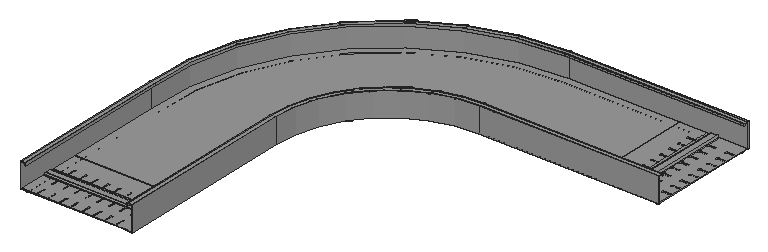
Revit family "Bogen 90- WRB 90150FS", category Generic Models, Revit 2017
Family settings
  Can host rebar = No
  Round Connector Dimension = Use Diameter
  Part Type = Normal
  Work Plane-Based = No
  Always vertical = Yes
  Cut with Voids When Loaded = No
  Shared = No
  Room Calculation Point = No
Parameters (values of type "WRB 90 150 FS")
  URL = "http://www.obo-bettermann.com"
  Material = Strip galvanised
  Manufacturer Art.No. = "6098316"
  Manufacturer = "OBO BETTERMANN"
  GTIN = "4012196352036"
  Cut's number 2 = 4
  Cut's number = 2
  Article Type = "WRB 90 150 FS"
Reference planes
  plane 1 "Center (Front/Back)": y = -100
  plane 2: z = 0
  plane 3 "Center (Left/Right)": x = 0
  plane 4: x = 1071.5
  plane 5: y = 146.5
  plane 6: y = 121.5
  plane 7: y = 171.5
  plane 8: x = 1296.5
  plane 9: x = 996.5
  plane 10: x = 1146.5
  plane 11: x = 1161.5
  plane 12: x = 1131.5
  plane 13: z = 6.5
  plane 14: y = 393
  plane 15: y = -1400
  plane 16: y = -1100
  plane 17: y = -1250
  plane 18: y = -1265
  plane 19: y = -1235
  plane 20: z = 6.5
  plane 21: z = 1.5
  plane 22: z = -1.5
  plane 23: z = 108.5
  plane 24: z = 107
  plane 25: z = 98.5
  plane 26: y = -1187.45
  plane 27: x = -196
  plane 28: x = -171
  plane 29: x = 1187.45
  plane 30: y = 196.5
  plane 31: y = 221.5
  plane 32: x = 1187.45
  plane 33: z = 84.5
  plane 34: x = 1187.45
  plane 35: z = 86
  plane 36: y = -1137.45
  plane 37: z = 19.5
  plane 38: x = 1296.5
  plane 39: y = -1396.5
  plane 40: x = -493
  plane 41: x = 1296.5
  plane 42: through (1296.5, -1396.5, 1200) normal (-0.7071, -0.7071, 0)
  plane 43: z = -2.969
  plane 44: z = 108.5
  plane 45: z = 87.834
  plane 46: z = 98.5
  plane 47: y = -1371.5
  plane 48: x = -246.5
  plane 49: x = -221.5
  plane 50: y = -1371.5
  plane 51: x = -196.5
  plane 52: x = -171.5
  plane 53: y = -1371.5
  plane 54: x = -146.5
  plane 55: x = -121.5
  plane 56: y = -1371.5
  plane 57: x = -96.5
  plane 58: x = -71.5
  plane 59: y = -1371.5
  plane 60: x = -296.5
  plane 61: x = -271.5
  plane 62: y = -1371.5
  plane 63: x = -346.5
  plane 64: x = -321.5
  plane 65: y = -1371.5
  plane 66: x = -396.5
  plane 67: x = -371.5
  plane 68: y = -1371.5
  plane 69: x = -446.5
  plane 70: x = -421.5
  plane 71: y = -1371.5
  plane 72: x = -246.5
  plane 73: x = -221.5
  plane 74: y = -1291.5
  plane 75: x = -246.5
  plane 76: x = -221.5
  plane 77: y = -1291.5
  plane 78: x = -196.5
  plane 79: x = -171.5
  plane 80: y = -1291.5
  plane 81: x = -146.5
  plane 82: x = -121.5
  plane 83: y = -1291.5
  plane 84: x = -96.5
  plane 85: x = -71.5
  plane 86: y = -1291.5
  plane 87: x = -296.5
  plane 88: x = -271.5
  plane 89: y = -1291.5
  plane 90: x = -346.5
  plane 91: x = -321.5
  plane 92: y = -1291.5
  plane 93: x = -396.5
  plane 94: x = -371.5
  plane 95: y = -1291.5
  plane 96: x = -446.5
  plane 97: x = -421.5
  plane 98: y = -1201.5
  plane 99: x = -246.5
  plane 100: x = -221.5
  plane 101: y = -1201.5
  plane 102: x = -196.5
  plane 103: x = -171.5
  plane 104: y = -1201.5
  plane 105: x = -146.5
  plane 106: x = -121.5
  plane 107: y = -1201.5
  plane 108: x = -96.5
  plane 109: x = -71.5
  plane 110: y = -1201.5
  plane 111: x = -296.5
  plane 112: x = -271.5
  plane 113: y = -1201.5
  plane 114: x = -346.5
  plane 115: x = -321.5
  plane 116: y = -1201.5
  plane 117: x = -396.5
  plane 118: x = -371.5
  plane 119: y = -1201.5
  plane 120: x = -446.5
  plane 121: x = -421.5
  plane 122: x = 1271.5
  plane 123: y = 146.5
  plane 124: y = 171.5
  plane 125: x = 1271.5
  plane 126: y = 196.5
  plane 127: y = 221.5
  plane 128: x = 1271.5
  plane 129: y = 246.5
  plane 130: y = 271.5
  plane 131: x = 1271.5
  plane 132: y = 296.5
  plane 133: y = 321.5
  plane 134: x = 1271.5
  plane 135: y = 96.5
  plane 136: y = 121.5
  plane 137: x = 1271.5
  plane 138: y = 46.5
  plane 139: y = 71.5
  plane 140: x = 1271.5
  plane 141: y = -3.5
  plane 142: y = 21.5
  plane 143: x = 1271.5
  plane 144: y = -53.5
  plane 145: y = -28.5
  plane 146: x = 1271.5
  plane 147: y = 146.5
  plane 148: y = 171.5
  plane 149: x = 1191.5
  plane 150: y = 146.5
  plane 151: y = 171.5
  plane 152: x = 1191.5
  plane 153: y = 196.5
  plane 154: y = 221.5
  plane 155: x = 1191.5
  plane 156: y = 246.5
  plane 157: y = 271.5
  plane 158: x = 1191.5
  plane 159: y = 296.5
  plane 160: y = 321.5
  plane 161: x = 1191.5
  plane 162: y = 96.5
  plane 163: y = 121.5
  plane 164: x = 1191.5
  plane 165: y = 46.5
  plane 166: y = 71.5
  plane 167: x = 1191.5
  plane 168: y = -3.5
  plane 169: y = 21.5
  plane 170: x = 1191.5
  plane 171: y = -53.5
  plane 172: y = -28.5
  plane 173: x = 1101.5
  plane 174: y = 146.5
  plane 175: y = 171.5
  plane 176: x = 1101.5
  plane 177: y = 196.5
  plane 178: y = 221.5
  plane 179: x = 1101.5
  plane 180: y = 246.5
  plane 181: y = 271.5
  plane 182: x = 1101.5
  plane 183: y = 296.5
  plane 184: y = 321.5
  plane 185: x = 1101.5
  plane 186: y = 96.5
  plane 187: y = 121.5
  plane 188: x = 1101.5
  plane 189: y = 46.5
  plane 190: y = 71.5
  plane 191: x = 1101.5
  plane 192: y = -3.5
  plane 193: y = 21.5
  plane 194: x = 1101.5
  plane 195: y = -53.5
  plane 196: y = -28.5
Forms (mm)
  Extrusion 1, void, not visible
    sketch origin (0, 0, 0) x (0, -1, 0) y (1, 0, 0)
      loop
        line (-125, 1055.5) -> (-118, 1055.5) -> (-118, 1087.5) -> (-125, 1087.5) -> (-125, 1055.5)
    from -1.649 to 1.351
  Extrusion 2, solid, material "Strip galvanised" <- "Material"
    sketch origin (84.05, -100, 0) x (1, 0, 0) y (0, 0, 1)
      loop
        line (1212.45, 0) -> (1212.45, 1.5) -> (1087.45, 1.5) -> (1081.203, 1.5) -> (1078.316, 6.5) -> (1077.45, 6.5) -> (1046.584, 6.5) -> (1043.697, 1.5) -> (1031.506, 1.5) -> (912.45, 1.5) -> (912.45, 0) -> (1031.506, 0) -> (1044.563, 0) -> (1047.45, 5) -> (1077.45, 5) -> (1080.337, 0) -> (1087.45, 0) -> (1212.45, 0)
    from 0 to -493
  Extrusion 3, solid, material "Strip galvanised" <- "Material"
    sketch origin (0, -187.55, 0) x (0, -1, 0) y (0, 0, -1)
      loop
        line (1208.95, 0) -> (1087.45, 0) -> (1080.337, 0) -> (1077.45, -5) -> (1047.45, -5) -> (1044.563, 0) -> (1031.506, 0) -> (912.45, 0) -> (912.45, -1.5) -> (1031.506, -1.5) -> (1043.697, -1.5) -> (1046.584, -6.5) -> (1077.45, -6.5) -> (1078.316, -6.5) -> (1081.203, -1.5) -> (1087.45, -1.5) -> (1208.95, -1.5) -> (1208.95, 0)
    from 0 to -493
  Extrusion 4, void, not visible
    sketch origin (0, 0, 0) x (1, 0, 0) y (0, 1, 0)
      loop
        line (-174.5, -1171.45) -> (-174.5, -1203.45) -> (-167.5, -1203.45) -> (-167.5, -1171.45) -> (-174.5, -1171.45)
    from -1.5 to 1.5
  Extrusion 5, void, not visible
    sketch origin (0, 0, 0) x (1, 0, 0) y (0, 1, 0)
      loop
        line (1171.45, 225) -> (1171.45, 218) -> (1203.45, 218) -> (1203.45, 225) -> (1171.45, 225)
    from -1.5 to 1.5
  Extrusion 6, void, not visible
    sketch origin (0, 0, 0) x (1, 0, 0) y (0, 0, 1)
      loop
        line (1179.95, 89) -> (1179.95, 80) -> (1194.95, 80) -> (1194.95, 89) -> (1179.95, 89)
    from 0 to 250
  Extrusion 7, void, not visible
    sketch origin (0, 0, 0) x (1, 0, 0) y (0, 0, 1)
      loop
        line (1194.95, 89) -> (1179.95, 89) -> (1179.95, 80) -> (1194.95, 80) -> (1194.95, 89)
    from -394.5 to -393
  Extrusion 8, void, not visible
    sketch origin (0, 50, -65) x (0, -1, 0) y (0, 0, -1)
      loop
        line (1179.95, -89) -> (1194.95, -89) -> (1194.95, -80) -> (1179.95, -80) -> (1179.95, -89)
    from 0 to 1.5
  Extrusion 9, solid, material "Strip galvanised" <- "Material"
    sketch origin (0, 0, 0) x (1, 0, 0) y (0, 1, 0)
      loop
        line (500, -100) -> (996.5, -100) -> (996.5, 393) -> (501.535, 393)
        arc (501.535, 393) -> (-227.598, 75.964) -> (-493, -673.508) r 996.963
        line (-493, -673.508) -> (-493, -1100) -> (0, -1100) -> (0, -600)
        arc (0, -600) -> (146.447, -246.447) -> (500, -100) r 500
    from 0 to 1.5
  Extrusion 10, solid, material "Strip galvanised" <- "Material"
    sketch origin (0, 0, 0) x (1, 0, 0) y (0, 1, 0)
      loop
        line (1296.5, 393) -> (501.535, 393)
        arc (501.535, 393) -> (-227.598, 75.964) -> (-493, -673.508) r 996.963
        line (-493, -673.508) -> (-493, -1396.5) -> (-458, -1396.5) -> (-458, -672.275)
        arc (-458, -672.275) -> (-202.414, 51.651) -> (501.535, 358) r 961.963
        line (501.535, 358) -> (1296.5, 358) -> (1296.5, 393)
      loop
        line (1296.5, -100) -> (1296.5, -65) -> (500, -65)
        arc (500, -65) -> (121.698, -221.698) -> (-35, -600) r 535
        line (-35, -600) -> (-35, -1396.5) -> (0, -1396.5) -> (0, -600)
        arc (0, -600) -> (146.447, -246.447) -> (500, -100) r 500
        line (500, -100) -> (1296.5, -100)
    from -1.5 to 0
  Extrusion 11, solid, material "Strip galvanised" <- "Material"
    sketch origin (0, 0, 0) x (1, 0, 0) y (0, 1, 0)
      loop
        line (1296.5, 393) -> (1296.5, 394.5) -> (501.535, 394.5)
        arc (501.535, 394.5) -> (-228.677, 77.006) -> (-494.5, -673.56) r 998.463
        line (-494.5, -673.56) -> (-494.5, -1396.5) -> (-493, -1396.5) -> (-493, -673.508)
        arc (-493, -673.508) -> (-227.598, 75.964) -> (501.535, 393) r 996.963
        line (501.535, 393) -> (1296.5, 393)
      loop
        line (1296.5, -100) -> (500, -100)
        arc (500, -100) -> (146.447, -246.447) -> (0, -600) r 500
        line (0, -600) -> (0, -1396.5) -> (1.5, -1396.5) -> (1.5, -600)
        arc (1.5, -600) -> (147.507, -247.507) -> (500, -101.5) r 498.5
        line (500, -101.5) -> (1296.5, -101.5) -> (1296.5, -100)
    from -1.5 to 108.5
  Extrusion 12, solid, material "Strip galvanised" <- "Material"
    sketch origin (0, 0, 0) x (1, 0, 0) y (0, 1, 0)
      loop
        line (1296.5, 393) -> (501.535, 393)
        arc (501.535, 393) -> (-228.693, 74.881) -> (-493, -676.5) r 997.162
        line (-493, -676.5) -> (-493, -1396.5) -> (-473, -1396.5) -> (-473, -675.77)
        arc (-473, -675.77) -> (-214.293, 60.997) -> (501.535, 373) r 977.162
        line (501.535, 373) -> (1296.5, 373) -> (1296.5, 393)
      loop
        line (1296.5, -100) -> (1296.5, -80) -> (506.557, -80)
        arc (506.557, -80) -> (371.883, -96.626) -> (245.859, -146.942) r 529.376
        arc (245.859, -146.942) -> (162.972, -204.474) -> (92.929, -277.099) r 513.694
        arc (92.929, -277.099) -> (9.046, -428.96) -> (-20, -600) r 518.107
        line (-20, -600) -> (-20, -1396.5) -> (0, -1396.5) -> (0, -600)
        arc (0, -600) -> (27.932, -435.544) -> (108.594, -289.532) r 498.107
        arc (108.594, -289.532) -> (175.919, -219.718) -> (255.594, -164.413) r 493.694
        arc (255.594, -164.413) -> (376.884, -115.99) -> (506.5, -100) r 509.376
        line (506.5, -100) -> (1296.5, -100)
    from 107 to 108.5
  Extrusion 13, solid, material "Strip galvanised" <- "Material"
    sketch origin (0, 0, 0) x (1, 0, 0) y (0, 1, 0)
      loop
        line (1296.5, 373) -> (501.535, 373)
        arc (501.535, 373) -> (-216.394, 58.92) -> (-473, -681.5) r 977.567
        line (-473, -681.5) -> (-473, -1396.5) -> (-471.5, -1396.5) -> (-471.5, -681.441)
        arc (-471.5, -681.441) -> (-215.313, 57.88) -> (501.535, 371.5) r 976.067
        line (501.535, 371.5) -> (1296.5, 371.5) -> (1296.5, 373)
      loop
        line (1296.5, -78.5) -> (500.527, -78.5)
        arc (500.527, -78.5) -> (368.587, -95.932) -> (245.129, -145.632) r 530.876
        arc (245.129, -145.632) -> (49, -338.141) -> (-21.47, -603.773) r 519.49
        line (-21.47, -603.773) -> (-21.47, -1396.5) -> (-19.97, -1396.5) -> (-19.97, -603.767)
        arc (-19.97, -603.767) -> (50.295, -338.898) -> (245.859, -146.942) r 517.99
        arc (245.859, -146.942) -> (368.966, -97.383) -> (500.531, -80) r 529.376
        line (500.531, -80) -> (1296.5, -80) -> (1296.5, -78.5)
    from 98.5 to 108.5
  Extrusion 14, void
    sketch origin (0, 0, 0) x (1, 0, 0) y (0, 1, 0)
      loop
        line (-225, -1355.5) -> (-225, -1387.5) -> (-218, -1387.5) -> (-218, -1355.5) -> (-225, -1355.5)
    from -1.5 to 1.5
  Extrusion 15, void
    sketch origin (50, 0, 0) x (1, 0, 0) y (0, 1, 0)
      loop
        line (-225, -1355.5) -> (-225, -1387.5) -> (-218, -1387.5) -> (-218, -1355.5) -> (-225, -1355.5)
    from -1.5 to 1.5
  Extrusion 16, void
    sketch origin (100, 0, 0) x (1, 0, 0) y (0, 1, 0)
      loop
        line (-225, -1355.5) -> (-225, -1387.5) -> (-218, -1387.5) -> (-218, -1355.5) -> (-225, -1355.5)
    from -1.5 to 1.5
  Extrusion 17, void
    sketch origin (150, 0, 0) x (1, 0, 0) y (0, 1, 0)
      loop
        line (-225, -1355.5) -> (-225, -1387.5) -> (-218, -1387.5) -> (-218, -1355.5) -> (-225, -1355.5)
    from -1.5 to 1.5
  Extrusion 18, void
    sketch origin (-50, 0, 0) x (1, 0, 0) y (0, 1, 0)
      loop
        line (-225, -1355.5) -> (-225, -1387.5) -> (-218, -1387.5) -> (-218, -1355.5) -> (-225, -1355.5)
    from -1.5 to 1.5
  Extrusion 19, void
    sketch origin (-100, 0, 0) x (1, 0, 0) y (0, 1, 0)
      loop
        line (-225, -1355.5) -> (-225, -1387.5) -> (-218, -1387.5) -> (-218, -1355.5) -> (-225, -1355.5)
    from -1.5 to 1.5
  Extrusion 20, void
    sketch origin (-150, 0, 0) x (1, 0, 0) y (0, 1, 0)
      loop
        line (-225, -1355.5) -> (-225, -1387.5) -> (-218, -1387.5) -> (-218, -1355.5) -> (-225, -1355.5)
    from -1.5 to 1.5
  Extrusion 21, void
    sketch origin (-200, 0, 0) x (1, 0, 0) y (0, 1, 0)
      loop
        line (-225, -1355.5) -> (-225, -1387.5) -> (-218, -1387.5) -> (-218, -1355.5) -> (-225, -1355.5)
    from -1.5 to 1.5
  Extrusion 22, void, not visible
    sketch origin (0, 0, 0) x (1, 0, 0) y (0, 1, 0)
      loop
        line (-225, -1355.5) -> (-225, -1387.5) -> (-218, -1387.5) -> (-218, -1355.5) -> (-225, -1355.5)
    from -1.5 to 1.5
  Extrusion 23, void
    sketch origin (0, 80, 0) x (1, 0, 0) y (0, 1, 0)
      loop
        line (-225, -1355.5) -> (-225, -1387.5) -> (-218, -1387.5) -> (-218, -1355.5) -> (-225, -1355.5)
    from -1.5 to 1.5
  Extrusion 24, void
    sketch origin (50, 80, 0) x (1, 0, 0) y (0, 1, 0)
      loop
        line (-225, -1355.5) -> (-225, -1387.5) -> (-218, -1387.5) -> (-218, -1355.5) -> (-225, -1355.5)
    from -1.5 to 1.5
  Extrusion 25, void
    sketch origin (100, 80, 0) x (1, 0, 0) y (0, 1, 0)
      loop
        line (-225, -1355.5) -> (-225, -1387.5) -> (-218, -1387.5) -> (-218, -1355.5) -> (-225, -1355.5)
    from -1.5 to 1.5
  Extrusion 26, void
    sketch origin (150, 80, 0) x (1, 0, 0) y (0, 1, 0)
      loop
        line (-225, -1355.5) -> (-225, -1387.5) -> (-218, -1387.5) -> (-218, -1355.5) -> (-225, -1355.5)
    from -1.5 to 1.5
  Extrusion 27, void
    sketch origin (-50, 80, 0) x (1, 0, 0) y (0, 1, 0)
      loop
        line (-225, -1355.5) -> (-225, -1387.5) -> (-218, -1387.5) -> (-218, -1355.5) -> (-225, -1355.5)
    from -1.5 to 1.5
  Extrusion 28, void
    sketch origin (-100, 80, 0) x (1, 0, 0) y (0, 1, 0)
      loop
        line (-225, -1355.5) -> (-225, -1387.5) -> (-218, -1387.5) -> (-218, -1355.5) -> (-225, -1355.5)
    from -1.5 to 1.5
  Extrusion 29, void
    sketch origin (-150, 80, 0) x (1, 0, 0) y (0, 1, 0)
      loop
        line (-225, -1355.5) -> (-225, -1387.5) -> (-218, -1387.5) -> (-218, -1355.5) -> (-225, -1355.5)
    from -1.5 to 1.5
  Extrusion 30, void
    sketch origin (-200, 80, 0) x (1, 0, 0) y (0, 1, 0)
      loop
        line (-225, -1355.5) -> (-225, -1387.5) -> (-218, -1387.5) -> (-218, -1355.5) -> (-225, -1355.5)
    from -1.5 to 1.5
  Extrusion 31, void
    sketch origin (0, 170, 0) x (1, 0, 0) y (0, 1, 0)
      loop
        line (-225, -1355.5) -> (-225, -1387.5) -> (-218, -1387.5) -> (-218, -1355.5) -> (-225, -1355.5)
    from -1.5 to 1.5
  Extrusion 32, void
    sketch origin (50, 170, 0) x (1, 0, 0) y (0, 1, 0)
      loop
        line (-225, -1355.5) -> (-225, -1387.5) -> (-218, -1387.5) -> (-218, -1355.5) -> (-225, -1355.5)
    from -1.5 to 1.5
  Extrusion 33, void
    sketch origin (100, 170, 0) x (1, 0, 0) y (0, 1, 0)
      loop
        line (-225, -1355.5) -> (-225, -1387.5) -> (-218, -1387.5) -> (-218, -1355.5) -> (-225, -1355.5)
    from -1.5 to 1.5
  Extrusion 34, void
    sketch origin (150, 170, 0) x (1, 0, 0) y (0, 1, 0)
      loop
        line (-225, -1355.5) -> (-225, -1387.5) -> (-218, -1387.5) -> (-218, -1355.5) -> (-225, -1355.5)
    from -1.5 to 1.5
  Extrusion 35, void
    sketch origin (-50, 170, 0) x (1, 0, 0) y (0, 1, 0)
      loop
        line (-225, -1355.5) -> (-225, -1387.5) -> (-218, -1387.5) -> (-218, -1355.5) -> (-225, -1355.5)
    from -1.5 to 1.5
  Extrusion 36, void
    sketch origin (-100, 170, 0) x (1, 0, 0) y (0, 1, 0)
      loop
        line (-225, -1355.5) -> (-225, -1387.5) -> (-218, -1387.5) -> (-218, -1355.5) -> (-225, -1355.5)
    from -1.5 to 1.5
  Extrusion 37, void
    sketch origin (-150, 170, 0) x (1, 0, 0) y (0, 1, 0)
      loop
        line (-225, -1355.5) -> (-225, -1387.5) -> (-218, -1387.5) -> (-218, -1355.5) -> (-225, -1355.5)
    from -1.5 to 1.5
  Extrusion 38, void
    sketch origin (-200, 170, 0) x (1, 0, 0) y (0, 1, 0)
      loop
        line (-225, -1355.5) -> (-225, -1387.5) -> (-218, -1387.5) -> (-218, -1355.5) -> (-225, -1355.5)
    from -1.5 to 1.5
  Extrusion 39, void
    sketch origin (0, 0, 0) x (1, 0, 0) y (0, 1, 0)
      loop
        line (1255.5, 175) -> (1255.5, 168) -> (1287.5, 168) -> (1287.5, 175) -> (1255.5, 175)
    from -1.5 to 1.5
  Extrusion 40, void
    sketch origin (0, 50, 0) x (1, 0, 0) y (0, 1, 0)
      loop
        line (1255.5, 175) -> (1255.5, 168) -> (1287.5, 168) -> (1287.5, 175) -> (1255.5, 175)
    from -1.5 to 1.5
  Extrusion 41, void
    sketch origin (0, 100, 0) x (1, 0, 0) y (0, 1, 0)
      loop
        line (1255.5, 175) -> (1255.5, 168) -> (1287.5, 168) -> (1287.5, 175) -> (1255.5, 175)
    from -1.5 to 1.5
  Extrusion 42, void
    sketch origin (0, 150, 0) x (1, 0, 0) y (0, 1, 0)
      loop
        line (1255.5, 175) -> (1255.5, 168) -> (1287.5, 168) -> (1287.5, 175) -> (1255.5, 175)
    from -1.5 to 1.5
  Extrusion 43, void
    sketch origin (0, -50, 0) x (1, 0, 0) y (0, 1, 0)
      loop
        line (1255.5, 175) -> (1255.5, 168) -> (1287.5, 168) -> (1287.5, 175) -> (1255.5, 175)
    from -1.5 to 1.5
  Extrusion 44, void
    sketch origin (0, -100, 0) x (1, 0, 0) y (0, 1, 0)
      loop
        line (1255.5, 175) -> (1255.5, 168) -> (1287.5, 168) -> (1287.5, 175) -> (1255.5, 175)
    from -1.5 to 1.5
  Extrusion 45, void
    sketch origin (0, -150, 0) x (1, 0, 0) y (0, 1, 0)
      loop
        line (1255.5, 175) -> (1255.5, 168) -> (1287.5, 168) -> (1287.5, 175) -> (1255.5, 175)
    from -1.5 to 1.5
  Extrusion 46, void
    sketch origin (0, -200, 0) x (1, 0, 0) y (0, 1, 0)
      loop
        line (1255.5, 175) -> (1255.5, 168) -> (1287.5, 168) -> (1287.5, 175) -> (1255.5, 175)
    from -1.5 to 1.5
  Extrusion 47, void, not visible
    sketch origin (0, 0, 0) x (1, 0, 0) y (0, 1, 0)
      loop
        line (1255.5, 175) -> (1255.5, 168) -> (1287.5, 168) -> (1287.5, 175) -> (1255.5, 175)
    from -1.5 to 1.5
  Extrusion 48, void
    sketch origin (-80, 0, 0) x (1, 0, 0) y (0, 1, 0)
      loop
        line (1255.5, 175) -> (1255.5, 168) -> (1287.5, 168) -> (1287.5, 175) -> (1255.5, 175)
    from -1.5 to 1.5
  Extrusion 49, void
    sketch origin (-80, 50, 0) x (1, 0, 0) y (0, 1, 0)
      loop
        line (1255.5, 175) -> (1255.5, 168) -> (1287.5, 168) -> (1287.5, 175) -> (1255.5, 175)
    from -1.5 to 1.5
  Extrusion 50, void
    sketch origin (-80, 100, 0) x (1, 0, 0) y (0, 1, 0)
      loop
        line (1255.5, 175) -> (1255.5, 168) -> (1287.5, 168) -> (1287.5, 175) -> (1255.5, 175)
    from -1.5 to 1.5
  Extrusion 51, void
    sketch origin (-80, 150, 0) x (1, 0, 0) y (0, 1, 0)
      loop
        line (1255.5, 175) -> (1255.5, 168) -> (1287.5, 168) -> (1287.5, 175) -> (1255.5, 175)
    from -1.5 to 1.5
  Extrusion 52, void
    sketch origin (-80, -50, 0) x (1, 0, 0) y (0, 1, 0)
      loop
        line (1255.5, 175) -> (1255.5, 168) -> (1287.5, 168) -> (1287.5, 175) -> (1255.5, 175)
    from -1.5 to 1.5
  Extrusion 53, void
    sketch origin (-80, -100, 0) x (1, 0, 0) y (0, 1, 0)
      loop
        line (1255.5, 175) -> (1255.5, 168) -> (1287.5, 168) -> (1287.5, 175) -> (1255.5, 175)
    from -1.5 to 1.5
  Extrusion 54, void
    sketch origin (-80, -150, 0) x (1, 0, 0) y (0, 1, 0)
      loop
        line (1255.5, 175) -> (1255.5, 168) -> (1287.5, 168) -> (1287.5, 175) -> (1255.5, 175)
    from -1.5 to 1.5
  Extrusion 55, void
    sketch origin (-80, -200, 0) x (1, 0, 0) y (0, 1, 0)
      loop
        line (1255.5, 175) -> (1255.5, 168) -> (1287.5, 168) -> (1287.5, 175) -> (1255.5, 175)
    from -1.5 to 1.5
  Extrusion 56, void
    sketch origin (-170, 0, 0) x (1, 0, 0) y (0, 1, 0)
      loop
        line (1255.5, 175) -> (1255.5, 168) -> (1287.5, 168) -> (1287.5, 175) -> (1255.5, 175)
    from -1.5 to 1.5
  Extrusion 57, void
    sketch origin (-170, 50, 0) x (1, 0, 0) y (0, 1, 0)
      loop
        line (1255.5, 175) -> (1255.5, 168) -> (1287.5, 168) -> (1287.5, 175) -> (1255.5, 175)
    from -1.5 to 1.5
  Extrusion 58, void
    sketch origin (-170, 100, 0) x (1, 0, 0) y (0, 1, 0)
      loop
        line (1255.5, 175) -> (1255.5, 168) -> (1287.5, 168) -> (1287.5, 175) -> (1255.5, 175)
    from -1.5 to 1.5
  Extrusion 59, void
    sketch origin (-170, 150, 0) x (1, 0, 0) y (0, 1, 0)
      loop
        line (1255.5, 175) -> (1255.5, 168) -> (1287.5, 168) -> (1287.5, 175) -> (1255.5, 175)
    from -1.5 to 1.5
  Extrusion 60, void
    sketch origin (-170, -50, 0) x (1, 0, 0) y (0, 1, 0)
      loop
        line (1255.5, 175) -> (1255.5, 168) -> (1287.5, 168) -> (1287.5, 175) -> (1255.5, 175)
    from -1.5 to 1.5
  Extrusion 61, void
    sketch origin (-170, -100, 0) x (1, 0, 0) y (0, 1, 0)
      loop
        line (1255.5, 175) -> (1255.5, 168) -> (1287.5, 168) -> (1287.5, 175) -> (1255.5, 175)
    from -1.5 to 1.5
  Extrusion 62, void
    sketch origin (-170, -150, 0) x (1, 0, 0) y (0, 1, 0)
      loop
        line (1255.5, 175) -> (1255.5, 168) -> (1287.5, 168) -> (1287.5, 175) -> (1255.5, 175)
    from -1.5 to 1.5
  Extrusion 63, void
    sketch origin (-170, -200, 0) x (1, 0, 0) y (0, 1, 0)
      loop
        line (1255.5, 175) -> (1255.5, 168) -> (1287.5, 168) -> (1287.5, 175) -> (1255.5, 175)
    from -1.5 to 1.5
Cuts and joins
  Extrusion 14, Extrusion 15, Extrusion 16, Extrusion 17, Extrusion 18, Extrusion 19, Extrusion 20, Extrusion 21, Extrusion 23, Extrusion 24, Extrusion 25, Extrusion 26, Extrusion 27, Extrusion 28, Extrusion 29, Extrusion 30, Extrusion 31, Extrusion 32, Extrusion 33, Extrusion 34, Extrusion 35, Extrusion 36, Extrusion 37, Extrusion 38 cuts Extrusion 3
  Extrusion 39, Extrusion 40, Extrusion 41, Extrusion 42, Extrusion 43, Extrusion 44, Extrusion 45, Extrusion 46, Extrusion 48, Extrusion 49, Extrusion 50, Extrusion 51, Extrusion 52, Extrusion 53, Extrusion 54, Extrusion 55, Extrusion 56, Extrusion 57, Extrusion 58, Extrusion 59, Extrusion 60, Extrusion 61, Extrusion 62, Extrusion 63 cuts Extrusion 2
Dimensions and locks
  locked: Extrusion 1 sketch curve to Extrusion 1 sketch curve at 7
  locked: Extrusion 1 sketch curve to plane 6 at 3.5
  locked: Extrusion 1 sketch curve to Extrusion 1 sketch curve at 32
  locked: Extrusion 1 sketch curve to plane 4 at 16
  locked: plane 8 to plane 9 at 300
  plane 8 to plane 3 "Center (Left/Right)" = 1296.5 mm
  locked: plane 8 to plane 10 at 150
  locked: plane 13 to level at 6.5
  locked: plane 15 to plane 16 at 300
  locked: plane 15 to plane 17 at 150
  locked: Extrusion 4 sketch curve to Extrusion 4 sketch curve at 7
  locked: Extrusion 4 sketch curve to plane 28 at 3.5
  locked: Extrusion 4 sketch curve to Extrusion 4 sketch curve at 32
  locked: plane 26 to Extrusion 4 sketch curve at 16
  locked: Extrusion 5 sketch curve to Extrusion 5 sketch curve at 32
  locked: plane 29 to Extrusion 5 sketch curve at 16
  locked: Extrusion 5 sketch curve to Extrusion 5 sketch curve at 7
  locked: plane 31 to Extrusion 5 sketch curve at 3.5
  locked: Extrusion 6 sketch curve to Extrusion 6 sketch curve at 15
  locked: plane 32 to Extrusion 6 sketch curve at 7.5
  locked: Extrusion 6 sketch curve to Extrusion 6 sketch curve at 9
  locked: Extrusion 6 sketch curve to plane 33 at 4.5
  Extrusion 7 sketch curve to Extrusion 7 sketch curve = 9 mm
  plane 35 to Extrusion 7 sketch curve = 3 mm
  locked: Extrusion 7 sketch curve to Extrusion 7 sketch curve at 15
  locked: plane 34 to Extrusion 7 sketch curve at 7.5
  locked: Extrusion 8 sketch curve to Extrusion 8 sketch curve at 15
  locked: plane 36 to Extrusion 8 sketch curve at 7.5
  locked: Extrusion 8 sketch curve to Extrusion 8 sketch curve at 9
  locked: plane 37 to Extrusion 8 sketch curve at 4.5
  locked: plane 3 "Center (Left/Right)" to plane 38 at 1296.5
  locked: plane 39 to plane 1 "Center (Front/Back)" at 1296.5
  locked: plane 40 to Extrusion 3 at 493
  locked: Extrusion 2 to Extrusion 2 at 493
  Extrusion 9 to Extrusion 9 = 493 mm
  locked: plane 3 "Center (Left/Right)" to Extrusion 2 at 996.5
  plane 39 to plane 1 "Center (Front/Back)" = 1296.5 mm
  locked: Extrusion 9 to Extrusion 10 sketch curve at 35  (x2)
  locked: Extrusion 2 to Extrusion 10 sketch curve at 35
  locked: Extrusion 10 sketch curve to Extrusion 9 at 35
  locked: plane 44 to Extrusion 10 at 110
  locked: Extrusion 14 sketch curve to Extrusion 14 sketch curve at 7
  locked: Extrusion 14 sketch curve to plane 49 at 3.5
  locked: Extrusion 14 sketch curve to Extrusion 14 sketch curve at 32
  locked: plane 47 to Extrusion 14 sketch curve at 16
  locked: Extrusion 15 sketch curve to Extrusion 15 sketch curve at 7
  locked: Extrusion 15 sketch curve to plane 52 at 3.5
  locked: Extrusion 15 sketch curve to Extrusion 15 sketch curve at 32
  locked: plane 50 to Extrusion 15 sketch curve at 16
  group 7 to group 8 = 50 mm
  group 7 to group 8 = 0 mm  (x2)
  locked: Extrusion 16 sketch curve to Extrusion 16 sketch curve at 7
  locked: Extrusion 16 sketch curve to plane 55 at 3.5
  locked: Extrusion 16 sketch curve to Extrusion 16 sketch curve at 32
  locked: plane 53 to Extrusion 16 sketch curve at 16
  group 8 to group 9 = 50 mm
  group 8 to group 9 = 0 mm  (x2)
  locked: Extrusion 17 sketch curve to Extrusion 17 sketch curve at 7
  locked: Extrusion 17 sketch curve to plane 58 at 3.5
  locked: Extrusion 17 sketch curve to Extrusion 17 sketch curve at 32
  locked: plane 56 to Extrusion 17 sketch curve at 16
  group 9 to group 10 = 50 mm
  group 9 to group 10 = 0 mm  (x2)
  locked: Extrusion 18 sketch curve to Extrusion 18 sketch curve at 7
  locked: Extrusion 18 sketch curve to plane 61 at 3.5
  locked: Extrusion 18 sketch curve to Extrusion 18 sketch curve at 32
  locked: plane 59 to Extrusion 18 sketch curve at 16
  group 11 to group 7 = 50 mm
  group 7 to group 11 = 0 mm  (x2)
  locked: Extrusion 19 sketch curve to Extrusion 19 sketch curve at 7
  locked: Extrusion 19 sketch curve to plane 64 at 3.5
  locked: Extrusion 19 sketch curve to Extrusion 19 sketch curve at 32
  locked: plane 62 to Extrusion 19 sketch curve at 16
  group 12 to group 11 = 50 mm
  group 11 to group 12 = 0 mm  (x2)
  locked: Extrusion 20 sketch curve to Extrusion 20 sketch curve at 7
  locked: Extrusion 20 sketch curve to plane 67 at 3.5
  locked: Extrusion 20 sketch curve to Extrusion 20 sketch curve at 32
  locked: plane 65 to Extrusion 20 sketch curve at 16
  group 13 to group 12 = 50 mm
  group 12 to group 13 = 0 mm  (x2)
  locked: Extrusion 21 sketch curve to Extrusion 21 sketch curve at 7
  locked: Extrusion 21 sketch curve to plane 70 at 3.5
  locked: Extrusion 21 sketch curve to Extrusion 21 sketch curve at 32
  locked: plane 68 to Extrusion 21 sketch curve at 16
  group 14 to group 13 = 50 mm
  group 13 to group 14 = 0 mm  (x2)
  locked: Extrusion 22 sketch curve to Extrusion 22 sketch curve at 7
  locked: Extrusion 22 sketch curve to plane 73 at 3.5
  locked: Extrusion 22 sketch curve to Extrusion 22 sketch curve at 32
  locked: plane 71 to Extrusion 22 sketch curve at 16
  locked: Extrusion 23 sketch curve to Extrusion 23 sketch curve at 7
  locked: Extrusion 23 sketch curve to plane 76 at 3.5
  locked: Extrusion 23 sketch curve to Extrusion 23 sketch curve at 32
  locked: plane 74 to Extrusion 23 sketch curve at 16
  locked: Extrusion 24 sketch curve to Extrusion 24 sketch curve at 7
  locked: Extrusion 24 sketch curve to plane 79 at 3.5
  locked: Extrusion 24 sketch curve to Extrusion 24 sketch curve at 32
  locked: plane 77 to Extrusion 24 sketch curve at 16
  locked: Extrusion 25 sketch curve to Extrusion 25 sketch curve at 7
  locked: Extrusion 25 sketch curve to plane 82 at 3.5
  locked: Extrusion 25 sketch curve to Extrusion 25 sketch curve at 32
  locked: plane 80 to Extrusion 25 sketch curve at 16
  group 18 to group 19 = 50 mm
  group 18 to group 19 = 0 mm  (x2)
  locked: Extrusion 26 sketch curve to Extrusion 26 sketch curve at 7
  locked: Extrusion 26 sketch curve to plane 85 at 3.5
  locked: Extrusion 26 sketch curve to Extrusion 26 sketch curve at 32
  locked: plane 83 to Extrusion 26 sketch curve at 16
  group 19 to group 20 = 50 mm
  group 19 to group 20 = 0 mm  (x2)
  locked: Extrusion 27 sketch curve to Extrusion 27 sketch curve at 7
  locked: Extrusion 27 sketch curve to plane 88 at 3.5
  locked: Extrusion 27 sketch curve to Extrusion 27 sketch curve at 32
  locked: plane 86 to Extrusion 27 sketch curve at 16
  group 21 to group 17 = 50 mm
  group 17 to group 21 = 0 mm  (x2)
  locked: Extrusion 28 sketch curve to Extrusion 28 sketch curve at 7
  locked: Extrusion 28 sketch curve to plane 91 at 3.5
  locked: Extrusion 28 sketch curve to Extrusion 28 sketch curve at 32
  locked: plane 89 to Extrusion 28 sketch curve at 16
  group 22 to group 21 = 50 mm
  group 21 to group 22 = 0 mm  (x2)
  locked: Extrusion 29 sketch curve to Extrusion 29 sketch curve at 7
  locked: Extrusion 29 sketch curve to plane 94 at 3.5
  locked: Extrusion 29 sketch curve to Extrusion 29 sketch curve at 32
  locked: plane 92 to Extrusion 29 sketch curve at 16
  group 23 to group 22 = 50 mm
  group 22 to group 23 = 0 mm  (x2)
  locked: Extrusion 30 sketch curve to Extrusion 30 sketch curve at 7
  locked: Extrusion 30 sketch curve to plane 97 at 3.5
  locked: Extrusion 30 sketch curve to Extrusion 30 sketch curve at 32
  locked: plane 95 to Extrusion 30 sketch curve at 16
  group 24 to group 23 = 50 mm
  group 23 to group 24 = 0 mm  (x2)
  group 15 to group 25 = 0 mm  (x2)
  group 15 to group 25 = 80 mm
  locked: Extrusion 31 sketch curve to Extrusion 31 sketch curve at 7
  locked: Extrusion 31 sketch curve to plane 100 at 3.5
  locked: Extrusion 31 sketch curve to Extrusion 31 sketch curve at 32
  locked: plane 98 to Extrusion 31 sketch curve at 16
  locked: Extrusion 32 sketch curve to Extrusion 32 sketch curve at 7
  locked: Extrusion 32 sketch curve to plane 103 at 3.5
  locked: Extrusion 32 sketch curve to Extrusion 32 sketch curve at 32
  locked: plane 101 to Extrusion 32 sketch curve at 16
  locked: Extrusion 33 sketch curve to Extrusion 33 sketch curve at 7
  locked: Extrusion 33 sketch curve to plane 106 at 3.5
  locked: Extrusion 33 sketch curve to Extrusion 33 sketch curve at 32
  locked: plane 104 to Extrusion 33 sketch curve at 16
  group 27 to group 28 = 50 mm
  group 27 to group 28 = 0 mm  (x2)
  locked: Extrusion 34 sketch curve to Extrusion 34 sketch curve at 7
  locked: Extrusion 34 sketch curve to plane 109 at 3.5
  locked: Extrusion 34 sketch curve to Extrusion 34 sketch curve at 32
  locked: plane 107 to Extrusion 34 sketch curve at 16
  group 28 to group 29 = 50 mm
  group 28 to group 29 = 0 mm  (x2)
  locked: Extrusion 35 sketch curve to Extrusion 35 sketch curve at 7
  locked: Extrusion 35 sketch curve to plane 112 at 3.5
  locked: Extrusion 35 sketch curve to Extrusion 35 sketch curve at 32
  locked: plane 110 to Extrusion 35 sketch curve at 16
  group 30 to group 26 = 50 mm
  group 26 to group 30 = 0 mm  (x2)
  locked: Extrusion 36 sketch curve to Extrusion 36 sketch curve at 7
  locked: Extrusion 36 sketch curve to plane 115 at 3.5
  locked: Extrusion 36 sketch curve to Extrusion 36 sketch curve at 32
  locked: plane 113 to Extrusion 36 sketch curve at 16
  group 31 to group 30 = 50 mm
  group 30 to group 31 = 0 mm  (x2)
  locked: Extrusion 37 sketch curve to Extrusion 37 sketch curve at 7
  locked: Extrusion 37 sketch curve to plane 118 at 3.5
  locked: Extrusion 37 sketch curve to Extrusion 37 sketch curve at 32
  locked: plane 116 to Extrusion 37 sketch curve at 16
  group 32 to group 31 = 50 mm
  group 31 to group 32 = 0 mm  (x2)
  locked: Extrusion 38 sketch curve to Extrusion 38 sketch curve at 7
  locked: Extrusion 38 sketch curve to plane 121 at 3.5
  locked: Extrusion 38 sketch curve to Extrusion 38 sketch curve at 32
  locked: plane 119 to Extrusion 38 sketch curve at 16
  group 33 to group 32 = 50 mm
  group 32 to group 33 = 0 mm  (x2)
  group 25 to group 34 = 0 mm  (x2)
  group 25 to group 34 = 90 mm
  locked: Extrusion 39 sketch curve to Extrusion 39 sketch curve at 7
  locked: Extrusion 39 sketch curve to Extrusion 39 sketch curve at 32
  locked: plane 124 to Extrusion 39 sketch curve at 3.5
  Extrusion 39 sketch curve to Extrusion 39 sketch curve = 32 mm
  plane 122 to Extrusion 39 sketch curve = 16 mm
  locked: plane 122 to Extrusion 39 sketch curve at 16
  locked: Extrusion 40 sketch curve to Extrusion 40 sketch curve at 7
  locked: Extrusion 40 sketch curve to Extrusion 40 sketch curve at 32
  locked: plane 127 to Extrusion 40 sketch curve at 3.5
  Extrusion 40 sketch curve to Extrusion 40 sketch curve = 32 mm
  plane 125 to Extrusion 40 sketch curve = 16 mm
  locked: plane 125 to Extrusion 40 sketch curve at 16
  equal spacing: group 35, group 36, group 37, group 38  (x3)
  locked: Extrusion 41 sketch curve to Extrusion 41 sketch curve at 7
  locked: Extrusion 41 sketch curve to Extrusion 41 sketch curve at 32
  locked: plane 130 to Extrusion 41 sketch curve at 3.5
  Extrusion 41 sketch curve to Extrusion 41 sketch curve = 32 mm
  plane 128 to Extrusion 41 sketch curve = 16 mm
  locked: plane 128 to Extrusion 41 sketch curve at 16
  locked: Extrusion 42 sketch curve to Extrusion 42 sketch curve at 7
  locked: Extrusion 42 sketch curve to Extrusion 42 sketch curve at 32
  locked: plane 133 to Extrusion 42 sketch curve at 3.5
  Extrusion 42 sketch curve to Extrusion 42 sketch curve = 32 mm
  plane 131 to Extrusion 42 sketch curve = 16 mm
  locked: plane 131 to Extrusion 42 sketch curve at 16
  locked: Extrusion 43 sketch curve to Extrusion 43 sketch curve at 7
  locked: Extrusion 43 sketch curve to Extrusion 43 sketch curve at 32
  locked: plane 136 to Extrusion 43 sketch curve at 3.5
  Extrusion 43 sketch curve to Extrusion 43 sketch curve = 32 mm
  plane 134 to Extrusion 43 sketch curve = 16 mm
  locked: plane 134 to Extrusion 43 sketch curve at 16
  group 35 to group 39 = 0 mm  (x2)
  group 39 to group 35 = 50 mm
  locked: Extrusion 44 sketch curve to Extrusion 44 sketch curve at 7
  locked: Extrusion 44 sketch curve to Extrusion 44 sketch curve at 32
  locked: plane 139 to Extrusion 44 sketch curve at 3.5
  Extrusion 44 sketch curve to Extrusion 44 sketch curve = 32 mm
  plane 137 to Extrusion 44 sketch curve = 16 mm
  locked: plane 137 to Extrusion 44 sketch curve at 16
  equal spacing: group 39, group 40, group 41, group 42  (x2)
  equal spacing: group 42, group 41, group 40, group 39
  locked: Extrusion 45 sketch curve to Extrusion 45 sketch curve at 7
  locked: Extrusion 45 sketch curve to Extrusion 45 sketch curve at 32
  locked: plane 142 to Extrusion 45 sketch curve at 3.5
  Extrusion 45 sketch curve to Extrusion 45 sketch curve = 32 mm
  plane 140 to Extrusion 45 sketch curve = 16 mm
  locked: plane 140 to Extrusion 45 sketch curve at 16
  locked: Extrusion 46 sketch curve to Extrusion 46 sketch curve at 7
  locked: Extrusion 46 sketch curve to Extrusion 46 sketch curve at 32
  locked: plane 145 to Extrusion 46 sketch curve at 3.5
  Extrusion 46 sketch curve to Extrusion 46 sketch curve = 32 mm
  plane 143 to Extrusion 46 sketch curve = 16 mm
  locked: plane 143 to Extrusion 46 sketch curve at 16
  locked: Extrusion 47 sketch curve to Extrusion 47 sketch curve at 7
  locked: Extrusion 47 sketch curve to Extrusion 47 sketch curve at 32
  locked: plane 148 to Extrusion 47 sketch curve at 3.5
  Extrusion 47 sketch curve to Extrusion 47 sketch curve = 32 mm
  plane 146 to Extrusion 47 sketch curve = 16 mm
  locked: plane 146 to Extrusion 47 sketch curve at 16
  locked: Extrusion 48 sketch curve to Extrusion 48 sketch curve at 7
  locked: Extrusion 48 sketch curve to Extrusion 48 sketch curve at 32
  locked: plane 151 to Extrusion 48 sketch curve at 3.5
  Extrusion 48 sketch curve to Extrusion 48 sketch curve = 32 mm
  plane 149 to Extrusion 48 sketch curve = 16 mm
  locked: plane 149 to Extrusion 48 sketch curve at 16
  locked: Extrusion 49 sketch curve to Extrusion 49 sketch curve at 7
  locked: Extrusion 49 sketch curve to Extrusion 49 sketch curve at 32
  locked: plane 154 to Extrusion 49 sketch curve at 3.5
  Extrusion 49 sketch curve to Extrusion 49 sketch curve = 32 mm
  plane 152 to Extrusion 49 sketch curve = 16 mm
  locked: plane 152 to Extrusion 49 sketch curve at 16
  equal spacing: group 45, group 46, group 47, group 48  (x3)
  locked: Extrusion 50 sketch curve to Extrusion 50 sketch curve at 7
  locked: Extrusion 50 sketch curve to Extrusion 50 sketch curve at 32
  locked: plane 157 to Extrusion 50 sketch curve at 3.5
  Extrusion 50 sketch curve to Extrusion 50 sketch curve = 32 mm
  plane 155 to Extrusion 50 sketch curve = 16 mm
  locked: plane 155 to Extrusion 50 sketch curve at 16
  locked: Extrusion 51 sketch curve to Extrusion 51 sketch curve at 7
  locked: Extrusion 51 sketch curve to Extrusion 51 sketch curve at 32
  locked: plane 160 to Extrusion 51 sketch curve at 3.5
  Extrusion 51 sketch curve to Extrusion 51 sketch curve = 32 mm
  plane 158 to Extrusion 51 sketch curve = 16 mm
  locked: plane 158 to Extrusion 51 sketch curve at 16
  locked: Extrusion 52 sketch curve to Extrusion 52 sketch curve at 7
  locked: Extrusion 52 sketch curve to Extrusion 52 sketch curve at 32
  locked: plane 163 to Extrusion 52 sketch curve at 3.5
  Extrusion 52 sketch curve to Extrusion 52 sketch curve = 32 mm
  plane 161 to Extrusion 52 sketch curve = 16 mm
  locked: plane 161 to Extrusion 52 sketch curve at 16
  group 45 to group 49 = 0 mm  (x2)
  group 49 to group 45 = 50 mm
  locked: Extrusion 53 sketch curve to Extrusion 53 sketch curve at 7
  locked: Extrusion 53 sketch curve to Extrusion 53 sketch curve at 32
  locked: plane 166 to Extrusion 53 sketch curve at 3.5
  Extrusion 53 sketch curve to Extrusion 53 sketch curve = 32 mm
  plane 164 to Extrusion 53 sketch curve = 16 mm
  locked: plane 164 to Extrusion 53 sketch curve at 16
  equal spacing: group 49, group 50, group 51, group 52  (x2)
  equal spacing: group 52, group 51, group 50, group 49
  locked: Extrusion 54 sketch curve to Extrusion 54 sketch curve at 7
  locked: Extrusion 54 sketch curve to Extrusion 54 sketch curve at 32
  locked: plane 169 to Extrusion 54 sketch curve at 3.5
  Extrusion 54 sketch curve to Extrusion 54 sketch curve = 32 mm
  plane 167 to Extrusion 54 sketch curve = 16 mm
  locked: plane 167 to Extrusion 54 sketch curve at 16
  locked: Extrusion 55 sketch curve to Extrusion 55 sketch curve at 7
  locked: Extrusion 55 sketch curve to Extrusion 55 sketch curve at 32
  locked: plane 172 to Extrusion 55 sketch curve at 3.5
  Extrusion 55 sketch curve to Extrusion 55 sketch curve = 32 mm
  plane 170 to Extrusion 55 sketch curve = 16 mm
  locked: plane 170 to Extrusion 55 sketch curve at 16
  group 53 to group 43 = 80 mm
  group 43 to group 53 = 0 mm  (x2)
  locked: Extrusion 56 sketch curve to Extrusion 56 sketch curve at 7
  locked: Extrusion 56 sketch curve to Extrusion 56 sketch curve at 32
  locked: plane 175 to Extrusion 56 sketch curve at 3.5
  Extrusion 56 sketch curve to Extrusion 56 sketch curve = 32 mm
  plane 173 to Extrusion 56 sketch curve = 16 mm
  locked: plane 173 to Extrusion 56 sketch curve at 16
  locked: Extrusion 57 sketch curve to Extrusion 57 sketch curve at 7
  locked: Extrusion 57 sketch curve to Extrusion 57 sketch curve at 32
  locked: plane 178 to Extrusion 57 sketch curve at 3.5
  Extrusion 57 sketch curve to Extrusion 57 sketch curve = 32 mm
  plane 176 to Extrusion 57 sketch curve = 16 mm
  locked: plane 176 to Extrusion 57 sketch curve at 16
  equal spacing: group 54, group 55, group 56, group 57  (x3)
  locked: Extrusion 58 sketch curve to Extrusion 58 sketch curve at 7
  locked: Extrusion 58 sketch curve to Extrusion 58 sketch curve at 32
  locked: plane 181 to Extrusion 58 sketch curve at 3.5
  Extrusion 58 sketch curve to Extrusion 58 sketch curve = 32 mm
  plane 179 to Extrusion 58 sketch curve = 16 mm
  locked: plane 179 to Extrusion 58 sketch curve at 16
  locked: Extrusion 59 sketch curve to Extrusion 59 sketch curve at 7
  locked: Extrusion 59 sketch curve to Extrusion 59 sketch curve at 32
  locked: plane 184 to Extrusion 59 sketch curve at 3.5
  Extrusion 59 sketch curve to Extrusion 59 sketch curve = 32 mm
  plane 182 to Extrusion 59 sketch curve = 16 mm
  locked: plane 182 to Extrusion 59 sketch curve at 16
  locked: Extrusion 60 sketch curve to Extrusion 60 sketch curve at 7
  locked: Extrusion 60 sketch curve to Extrusion 60 sketch curve at 32
  locked: plane 187 to Extrusion 60 sketch curve at 3.5
  Extrusion 60 sketch curve to Extrusion 60 sketch curve = 32 mm
  plane 185 to Extrusion 60 sketch curve = 16 mm
  locked: plane 185 to Extrusion 60 sketch curve at 16
  group 54 to group 58 = 0 mm  (x2)
  group 58 to group 54 = 50 mm
  locked: Extrusion 61 sketch curve to Extrusion 61 sketch curve at 7
  locked: Extrusion 61 sketch curve to Extrusion 61 sketch curve at 32
  locked: plane 190 to Extrusion 61 sketch curve at 3.5
  Extrusion 61 sketch curve to Extrusion 61 sketch curve = 32 mm
  plane 188 to Extrusion 61 sketch curve = 16 mm
  locked: plane 188 to Extrusion 61 sketch curve at 16
  equal spacing: group 58, group 59, group 60, group 61  (x2)
  equal spacing: group 61, group 60, group 59, group 58
  locked: Extrusion 62 sketch curve to Extrusion 62 sketch curve at 7
  locked: Extrusion 62 sketch curve to Extrusion 62 sketch curve at 32
  locked: plane 193 to Extrusion 62 sketch curve at 3.5
  Extrusion 62 sketch curve to Extrusion 62 sketch curve = 32 mm
  plane 191 to Extrusion 62 sketch curve = 16 mm
  locked: plane 191 to Extrusion 62 sketch curve at 16
  locked: Extrusion 63 sketch curve to Extrusion 63 sketch curve at 7
  locked: Extrusion 63 sketch curve to Extrusion 63 sketch curve at 32
  locked: plane 196 to Extrusion 63 sketch curve at 3.5
  Extrusion 63 sketch curve to Extrusion 63 sketch curve = 32 mm
  plane 194 to Extrusion 63 sketch curve = 16 mm
  locked: plane 194 to Extrusion 63 sketch curve at 16
  group 62 to group 53 = 90 mm
  group 53 to group 62 = 0 mm  (x2)
  aligned and locked: level to plane 2
  aligned and locked: plane 13 to Extrusion 2 sketch curve
  aligned and locked: plane 2 to Extrusion 2 sketch curve
  aligned and locked: Extrusion 2 sketch curve to plane 9
  aligned and locked: Extrusion 2 to plane 14
  aligned and locked: Extrusion 3 sketch curve to plane 20
  aligned and locked: Extrusion 3 sketch curve to plane 16
  aligned and locked: plane 1 "Center (Front/Back)" to Extrusion 2
  aligned and locked: plane 3 "Center (Left/Right)" to Extrusion 3
  aligned and locked: Extrusion 3 to plane 40
  aligned and locked: plane 41 to Extrusion 2
  aligned and locked: Extrusion 2 to Extrusion 9 sketch curve
  aligned and locked: Extrusion 9 sketch curve to plane 3 "Center (Left/Right)"
  aligned and locked: plane 1 "Center (Front/Back)" to Extrusion 9 sketch curve
  aligned and locked: Extrusion 9 to level
  aligned and locked: Extrusion 2 to Extrusion 9  (x2)
  aligned and locked: Extrusion 10 sketch curve to plane 38
  aligned and locked: Extrusion 10 sketch curve to Extrusion 3
  aligned and locked: level to Extrusion 10
  aligned and locked: Extrusion 10 to plane 22
  aligned and locked: plane 2 to Extrusion 10
  aligned and locked: Extrusion 11 sketch curve to plane 38
  aligned and locked: Extrusion 11 sketch curve to plane 39  (x2)
  aligned and locked: Extrusion 11 sketch curve to Extrusion 10
  aligned and locked: Extrusion 11 sketch curve to plane 41
  aligned and locked: Extrusion 3 to plane 39
  aligned and locked: Extrusion 10 to Extrusion 3
  aligned and locked: Extrusion 11 to plane 23
  aligned and locked: Extrusion 12 sketch curve to Extrusion 10
  aligned and locked: Extrusion 12 sketch curve to Extrusion 2
  aligned and locked: Extrusion 12 sketch curve to Extrusion 3
  aligned and locked: plane 39 to Extrusion 12 sketch curve
  aligned and locked: Extrusion 12 to plane 24
  aligned and locked: plane 39 to Extrusion 13 sketch curve
  aligned and locked: Extrusion 13 sketch curve to Extrusion 12
  aligned and locked: Extrusion 13 sketch curve to Extrusion 13 sketch curve
  aligned and locked: Extrusion 13 sketch curve to plane 38
  aligned and locked: Extrusion 13 to plane 25
  aligned and locked: Extrusion 3 to Extrusion 14
  aligned and locked: Extrusion 10 to Extrusion 14
  aligned and locked: Extrusion 2 to Extrusion 39
Automatic sketch dimensions
  Extrusion 2 sketch curve to plane 21 = 0 mm  (x2)
  Extrusion 2 sketch curve to plane 12 = 0 mm
  Extrusion 2 sketch curve to plane 11 = 0 mm  (x2)
  Extrusion 2 sketch curve to level = 0 mm
  plane 8 to Extrusion 2 sketch curve = 0 mm
  Extrusion 2 sketch curve to plane 12 = 15.944 mm
  Extrusion 2 sketch curve to Extrusion 2 sketch curve = 0 mm  (x2)
  Extrusion 2 sketch curve to plane 12 = 3.753 mm
  Extrusion 2 sketch curve to Extrusion 2 sketch curve = 0.866 mm  (x2)
  Extrusion 2 sketch curve to plane 12 = 0.866 mm
  plane 11 to Extrusion 2 sketch curve = 0.866 mm
  plane 11 to Extrusion 2 sketch curve = 2.887 mm
  Extrusion 2 sketch curve to Extrusion 2 sketch curve = 6.247 mm
  Extrusion 2 sketch curve to Extrusion 2 sketch curve = 1.5 mm
  Extrusion 3 sketch curve to plane 21 = 0 mm  (x2)
  Extrusion 3 sketch curve to level = 0 mm  (x2)
  Extrusion 3 sketch curve to plane 19 = 0 mm
  Extrusion 3 sketch curve to plane 18 = 0 mm  (x2)
  Extrusion 3 sketch curve to plane 19 = 15.944 mm
  Extrusion 3 sketch curve to Extrusion 3 sketch curve = 0 mm  (x2)
  Extrusion 3 sketch curve to plane 19 = 3.753 mm
  Extrusion 3 sketch curve to Extrusion 3 sketch curve = 0.866 mm  (x2)
  Extrusion 3 sketch curve to plane 19 = 0.866 mm
  plane 18 to Extrusion 3 sketch curve = 0.866 mm
  plane 18 to Extrusion 3 sketch curve = 2.887 mm
  Extrusion 3 sketch curve to Extrusion 3 sketch curve = 6.247 mm
  Extrusion 3 sketch curve to plane 20 = 1.5 mm
  Extrusion 3 sketch curve to plane 15 = 3.5 mm
  Extrusion 9 sketch curve to plane 40 = 0 mm
  Extrusion 9 sketch curve to plane 14 = 0 mm
  plane 1 "Center (Front/Back)" to Extrusion 9 sketch curve = 500 mm
  Extrusion 9 sketch curve to Extrusion 9 sketch curve = 1.535 mm
  Extrusion 9 sketch curve to Extrusion 9 sketch curve = 3.963 mm
  plane 39 to Extrusion 9 sketch curve = 296.5 mm
  Extrusion 10 sketch curve to Extrusion 10 sketch curve = 0 mm  (x4)
  Extrusion 10 sketch curve to plane 40 = 0 mm
  Extrusion 10 sketch curve to plane 3 "Center (Left/Right)" = 0 mm
  Extrusion 10 sketch curve to plane 14 = 0 mm
  Extrusion 10 sketch curve to plane 38 = 0 mm
  Extrusion 10 sketch curve to Extrusion 10 sketch curve = 1.535 mm
  Extrusion 10 sketch curve to Extrusion 10 sketch curve = 3.963 mm
  Extrusion 10 sketch curve to Extrusion 10 sketch curve = 1.233 mm
  Extrusion 10 sketch curve to plane 39 = 0 mm
  Extrusion 11 sketch curve to Extrusion 11 sketch curve = 0 mm  (x4)
  Extrusion 11 sketch curve to plane 3 "Center (Left/Right)" = 0 mm
  Extrusion 11 sketch curve to plane 14 = 0 mm
  plane 1 "Center (Front/Back)" to Extrusion 11 sketch curve = 0 mm
  Extrusion 11 sketch curve to plane 40 = 1.5 mm
  Extrusion 11 sketch curve to Extrusion 11 sketch curve = 1.5 mm
  plane 3 "Center (Left/Right)" to Extrusion 11 sketch curve = 500 mm
  Extrusion 11 sketch curve to Extrusion 11 sketch curve = 1.535 mm
  Extrusion 11 sketch curve to Extrusion 11 sketch curve = 73.56 mm
  Extrusion 11 sketch curve to Extrusion 11 sketch curve = 0.052 mm
  Extrusion 12 sketch curve to Extrusion 12 sketch curve = 0 mm  (x8)
  Extrusion 12 sketch curve to plane 40 = 0 mm
  Extrusion 12 sketch curve to plane 3 "Center (Left/Right)" = 0 mm
  Extrusion 12 sketch curve to plane 14 = 0 mm
  plane 1 "Center (Front/Back)" to Extrusion 12 sketch curve = 0 mm
  plane 40 to Extrusion 12 sketch curve = 20 mm
  Extrusion 12 sketch curve to plane 3 "Center (Left/Right)" = 20 mm
  plane 3 "Center (Left/Right)" to Extrusion 12 sketch curve = 495.911 mm
  Extrusion 12 sketch curve to Extrusion 12 sketch curve = 2.197 mm
  Extrusion 12 sketch curve to Extrusion 12 sketch curve = 3.428 mm
  Extrusion 12 sketch curve to Extrusion 12 sketch curve = 2.009 mm
  Extrusion 12 sketch curve to Extrusion 12 sketch curve = 4.965 mm
  Extrusion 12 sketch curve to Extrusion 12 sketch curve = 0.057 mm
  plane 1 "Center (Front/Back)" to Extrusion 12 sketch curve = 576.5 mm
  Extrusion 12 sketch curve to Extrusion 12 sketch curve = 0.73 mm
  Extrusion 12 sketch curve to Extrusion 12 sketch curve = 5.205 mm
  Extrusion 12 sketch curve to Extrusion 12 sketch curve = 75.77 mm
  Extrusion 12 sketch curve to Extrusion 12 sketch curve = 4.331 mm
  Extrusion 12 sketch curve to plane 1 "Center (Front/Back)" = 20 mm
  plane 3 "Center (Left/Right)" to Extrusion 12 sketch curve = 92.929 mm
  Extrusion 12 sketch curve to Extrusion 12 sketch curve = 15.665 mm
  Extrusion 13 sketch curve to Extrusion 13 sketch curve = 0 mm  (x6)
  Extrusion 13 sketch curve to plane 39 = 0 mm
  plane 3 "Center (Left/Right)" to Extrusion 13 sketch curve = 503.544 mm
  Extrusion 13 sketch curve to Extrusion 13 sketch curve = 2.009 mm
  Extrusion 13 sketch curve to plane 1 "Center (Front/Back)" = 20 mm
  Extrusion 13 sketch curve to Extrusion 13 sketch curve = 1.004 mm
  Extrusion 13 sketch curve to Extrusion 13 sketch curve = 0.004 mm
  Extrusion 13 sketch curve to Extrusion 13 sketch curve = 3.533 mm
  Extrusion 13 sketch curve to plane 3 "Center (Left/Right)" = 19.97 mm
  Extrusion 13 sketch curve to Extrusion 13 sketch curve = 1.5 mm  (x3)
  plane 40 to Extrusion 13 sketch curve = 21.5 mm
  plane 1 "Center (Front/Back)" to Extrusion 13 sketch curve = 581.5 mm
  Extrusion 13 sketch curve to Extrusion 13 sketch curve = 0.059 mm
  plane 1 "Center (Front/Back)" to Extrusion 13 sketch curve = 509.368 mm
  Extrusion 13 sketch curve to Extrusion 13 sketch curve = 4.801 mm
  Extrusion 13 sketch curve to Extrusion 13 sketch curve = 77.668 mm
  Extrusion 13 sketch curve to Extrusion 13 sketch curve = 0.006 mm
  Extrusion 13 sketch curve to Extrusion 13 sketch curve = 5.145 mm
